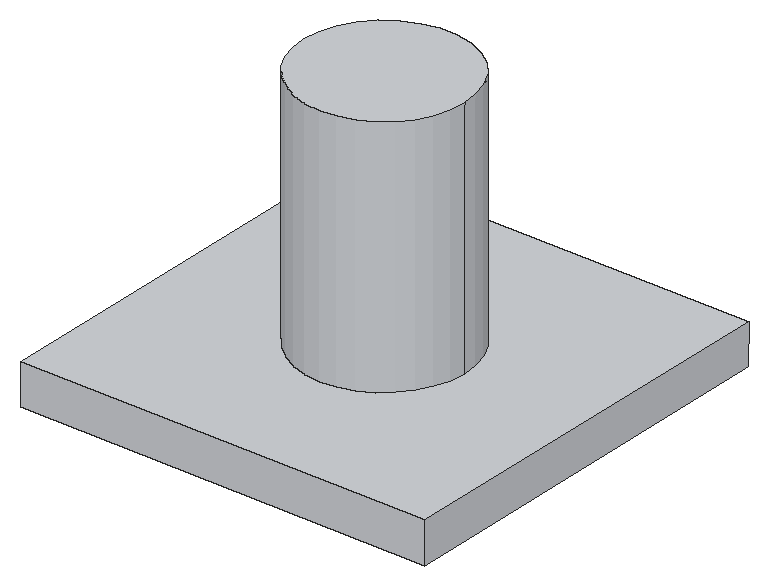
Revit family "DuctAccessories_FireDamper_Kilargo_IFD-CE3", category Duct Accessories, Revit 2014
Parameters (values of type "IFD-CE3 150mm")
  URL = "http://www.kilargo.com.au/"
  SpigotExtension = 150 mm
  SpigotDiameter = 100 mm
  ModifiedIssue_ANZRS = 20150115.74  # constant formula
  Manufacturer = "kilargo"  # constant formula
  DamperWidth [instance] = 250 mm
  OffsetHelp2 [instance] = OffsetHelp1 - DamperOffsetVertical  # 850 mm
  OffsetHelp1 [instance] = 1000 mm
  DamperHeight = 25 mm
  DamperOffsetVertical [instance] = 150 mm
  DamperLength [instance] = 250 mm
  CreatedByURL_ANZRS = "www.thinkbimmepaus.com.au"
  CreatedBy = "A2K Technologies"  # constant formula
Reference planes
  plane 1 "Center (Front/Back)": y = 0
  plane 2: z = 0
  plane 3 "Center (Left/Right)": x = 0
  plane 4: y = 125
  plane 5: y = -125
  plane 6: x = -125
  plane 7: x = 125
  plane 8 "Baseplane": z = 150
  plane 9: z = 325
  plane 10: x = -318.402
  plane 11: z = 1000
  plane 12 "Top": z = 175
Forms (mm)
  Extrusion 1, solid
    sketch origin (-382.705, -1524, 150) x (-1, 0, 0) y (0, -1, 0)
      loop
        line (-507.705, -1399) -> (-507.705, -1649) -> (-257.705, -1649) -> (-257.705, -1399) -> (-507.705, -1399)
    from 0 to 25
  Extrusion 2, solid
    sketch origin (-518.888, -1524, 175) x (-1, 0, 0) y (0, -1, 0)
      loop
        circle (-518.888, -1524) r 50
    from 0 to 150
Dimensions and locks
  equal spacing: plane 6, plane 3 "Center (Left/Right)", plane 7
  equal spacing: plane 4, plane 1 "Center (Front/Back)", plane 5
  "DamperWidth": plane 6 to plane 7
  "DamperLength": plane 4 to plane 5
  plane 10 to plane 6 = 193.402 mm
  "OffsetHelp1": plane 11 to plane 2
  "OffsetHelp2": plane 11 to plane 8 "Baseplane"
  "DamperHeight": plane 12 "Top" to plane 8 "Baseplane"
  "SpigotExtension": plane 9 to plane 12 "Top"
  "SpigotDiameter": diameter of Extrusion 2 sketch curve
  aligned and locked: level to plane 2
  aligned and locked: plane 5 to Extrusion 1 sketch curve
  aligned and locked: Extrusion 1 sketch curve to plane 7
  aligned and locked: Extrusion 1 sketch curve to plane 4
  aligned and locked: plane 6 to Extrusion 1 sketch curve
  aligned and locked: plane 12 "Top" to Extrusion 1
  aligned and locked: Extrusion 1 to plane 8 "Baseplane"
  aligned and locked: plane 9 to Extrusion 2
Automatic sketch dimensions
  plane 1 "Center (Front/Back)" to Extrusion 2 sketch curve = 0 mm
  Extrusion 2 sketch curve to plane 3 "Center (Left/Right)" = 0 mm
Connectors
  hvac at (0, 0, 0), driven by "DamperLength", driven by "DamperWidth"
    settings: on plane 2, index 3, duct flow 0.0 L/s, flow factor 0, pres drop 0.0 Pa, loss coef 0, conn angle 0.00°, conn width 250 mm, conn height 250 mm, conn diameter 609.6 mm, duct sys type 3, conn prof type 1, flow config 0, flow direction 0, loss method 0, conn ref index -1, conn util no, is conn primary yes, conn desc ""
  hvac at (0, 0, 325), driven by "SpigotDiameter"
    settings: on Extrusion 2, index 4, duct flow 0.0 L/s, flow factor 0, pres drop 0.0 Pa, loss coef 0, conn angle 0.00°, conn width 304.8 mm, conn height 304.8 mm, conn diameter 100 mm, duct sys type 1, conn prof type 0, flow config 0, flow direction 0, loss method 0, conn ref index -1, conn util no, is conn primary no, conn desc ""
